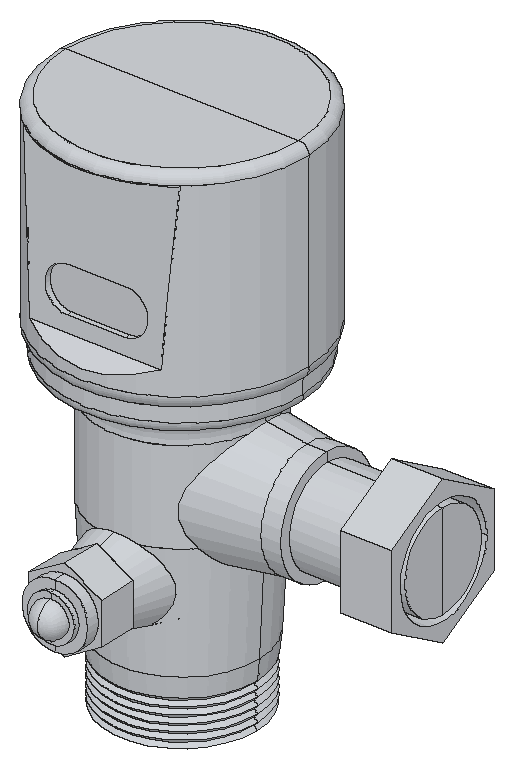
Revit family "8310rdf16", category Plumbing Fixtures, host Face, Revit 2012
Parameters
  Wrist Blade Handle = none
  Width = 15.75"
  Waste Connection = no
  WFU = 0
  Vent Connection = no
  URL = "www.moencommercial.com"
  Tapered Stand alone service connection = none
  Model = "8310rdf16"
  Manufacturer = "Moen"
  Length = 9.5"
  Keynote = "15410"
  Hot Water Connection Diameter = 0.5"  # 1/2"
  Height = 12.5"
  Handle Type = "4\" Wrist blade handles with hot and cold color indicators"
  HWFU = 1
  Gooseneck Spout = none
  Finish [instance] = none
  Faucet Spout Reach = 8"
  Faucet Spout Height = 7.5"
  Drain Type = "None"
  Domestic Water Flow Rate = 2.2 GPM
  Documentation Link = "http://www.moen.com/shared/docs/product-specifications/8310rdf16sp.pdf"
  Description = "Two-Handle Lavatory Faucet with Spout"
  Default Elevation = 48"
  Cold Water Connection Diameter = 0.5"  # 1/2"
  CWFU = 1
  Base Width = 2.375"
  Base Length = 10.5"
  Base = none
  Assembly Code = "D2010400"
  ADA Compliant = yes
Reference planes (in)
  plane 1 "Center (Front/Back)": y = 0
  plane 2: z = 0
  plane 3 "Center (Left/Right)": x = 0
  plane 4: z = 12.5
  plane 5: z = 1.15571
  plane 6: z = 12.5
Forms (in)
  Revolve 1, solid, material <- "Finish"
    sketch origin (0, 0, 0.15) x (1, 0, 0) y (0, 0, 1)
      loop
        line (0, 7.35) -> (-1.60804, 7.35)
        arc (-1.60804, 7.35) -> (-1.70842, 7.30842) -> (-1.75, 7.20804) r 0.14196
        line (-1.75, 7.20804) -> (-1.75, 4.6)
        arc (-1.75, 4.6) -> (-1.72942, 4.50885) -> (-1.67167, 4.43538) r 0.21216
        line (-1.67167, 4.43538) -> (-1.67167, 4.22986)
        arc (-1.67167, 4.22986) -> (-1.62747, 4.12314) -> (-1.52075, 4.07894) r 0.15092
        arc (-1.52075, 4.07894) -> (-1.24638, 3.9539) -> (-1.16074, 3.66479) r 0.36355
        line (-1.16074, 3.66479) -> (-1.16074, 2.38295)
        arc (-1.16074, 2.38295) -> (-1.13935, 1.56593) -> (-1.07522, 0.75115) r 15.61107
        arc (-1.07522, 0.75115) -> (-1.05857, 0.61129) -> (-1.03808, 0.47194) r 5.11773
        line (-1.03808, 0.47194) -> (0, 0.47194) -> (0, 7.35)
      axis (0, 7.35) -> (0, 0.47194)
    angle from 0 to 360
  Revolve 2, solid, material <- "Finish"
    sketch origin (0, 0, 0.15) x (1, 0, 0) y (0, 0, 1)
      loop
        line (0.5, 2.85) -> (0.5, 1.88854) -> (1.72, 2.06) -> (2, 2.06) -> (2, 2.19) -> (3.6, 2.19) -> (3.6, 2.85) -> (0.5, 2.85)
      axis (0.5, 2.85) -> (3.6, 2.85)
    angle from 0 to 360
  Revolve 3, solid, material <- "Finish"
    sketch origin (0, 0, 0.15) x (0, 1, 0) y (0, 0, 1)
      loop
        arc (-2.5, 1.87) -> (-2.42971, 1.70029) -> (-2.26, 1.63) r 0.24
        line (-2.26, 1.63) -> (-2.26, 1.55) -> (-2.19, 1.55) -> (-2.19, 1.42) -> (-1.47, 1.42) -> (-1.47, 1.37) -> (-0.53699, 1.12) -> (0.46699, 1.12) -> (1.4, 1.37) -> (1.5, 1.37) -> (1.5, 1.87) -> (-2.5, 1.87)
      axis (1.5, 1.87) -> (-2.5, 1.87)
    angle from 0 to 360
  Extrusion 4, void
    sketch origin (0, 0, 0.15) x (0, 1, 0) y (0, 0, 1)
      loop
        line (-1.75, 4.55) -> (-1.75, 4.73) -> (-1.5, 4.93) -> (-1.38124, 7.196) -> (-2, 7.196) -> (-2, 4.55) -> (-1.75, 4.55)
    from 1.5 to -1.5
  Extrusion 5, solid, material <- "Finish"
    sketch origin (3.6, 0, 0.15) x (0, 0, 1) y (0, -1, 0)
      loop
        line (2.34482, 0.875) -> (1.83964, 0) -> (2.34482, -0.875) -> (3.35518, -0.875) -> (3.86036, 0) -> (3.35518, 0.875) -> (2.34482, 0.875)
    from 0 to -0.71
  Extrusion 6, solid, material <- "Finish"
    sketch origin (0, -1.47, 2.02) x (-1, 0, 0) y (0, 0, -1)
      loop
        line (0.5, 0.28868) -> (0, 0.57735) -> (-0.5, 0.28868) -> (-0.5, -0.28868) -> (0, -0.57735) -> (0.5, -0.28868) -> (0.5, 0.28868)
    from 0 to 0.55
  Extrusion 7, void
    sketch origin (0, 0, 0.15) x (1, 0, 0) y (0, 0, 1)
      loop
        arc (-0.4, 5.76) -> (-0.71, 5.45) -> (-0.4, 5.14) r 0.31
        line (-0.4, 5.14) -> (0.4, 5.14)
        arc (0.4, 5.14) -> (0.71, 5.45) -> (0.4, 5.76) r 0.31
        line (0.4, 5.76) -> (-0.4, 5.76)
    from 1.4 to 1.6
  Extrusion 8, void
    sketch origin (3.6, 0, 0.15) x (0, 0, 1) y (0, -1, 0)
      loop
        circle (2.85, 0) r 0.75
    from 0 to -0.591
  Revolve 9, solid, material <- "Finish"
    sketch origin (0, 0, 0.26563) x (1, 0, 0) y (0, 0, 1)
      loop
        line (-1.0363, -0.26563) -> (0, -0.26563) -> (0, 0.35631) -> (-1.03808, 0.35631) -> (-0.9861, 0.30434) -> (-1.03808, 0.25236) -> (-0.9861, 0.20038) -> (-1.03808, 0.14841) -> (-0.9861, 0.09643) -> (-1.03808, 0.04446) -> (-0.9861, -0.00752) -> (-1.03808, -0.0595) -> (-0.9861, -0.11147) -> (-1.03808, -0.16345) -> (-0.9861, -0.21542) -> (-1.0363, -0.26563)
      axis (0, 0.35631) -> (0, -0.26563)
    angle from 0 to 360
Cuts and joins
  Extrusion 8 cuts Extrusion 5
  Extrusion 4, Extrusion 7 cuts Revolve 1
Lines and regions (in)
  symbolic lines
    curve 1: line (2.665, -7.5913, 0) -> (2.665, -7.50378, 0)
    curve 2: line (4.285, -7.5913, 0) -> (4.285, -7.50378, 0)
Dimensions and locks (in)
  locked: Revolve 2 sketch curve to Revolve 2 sketch curve at 0.79
  locked: Revolve 2 sketch curve to Revolve 2 sketch curve at 0.28
  locked: Extrusion 4 sketch curve to Extrusion 4 sketch curve at 0.25
  Extrusion 7 sketch curve to Extrusion 7 sketch curve = 0.8"
  locked: Extrusion 7 sketch curve to Extrusion 7 sketch curve at 0.8
  radius of Revolve 3 sketch curve = 0.24"
  radius of Extrusion 7 sketch curve = 0.31"  (x2)
  radius of Extrusion 8 sketch curve = 0.75"
  locked: Revolve 2 sketch curve to Revolve 2 sketch curve (angle 82.00°)
  aligned and locked: plane 2 to host face
  aligned and locked: level to host face
